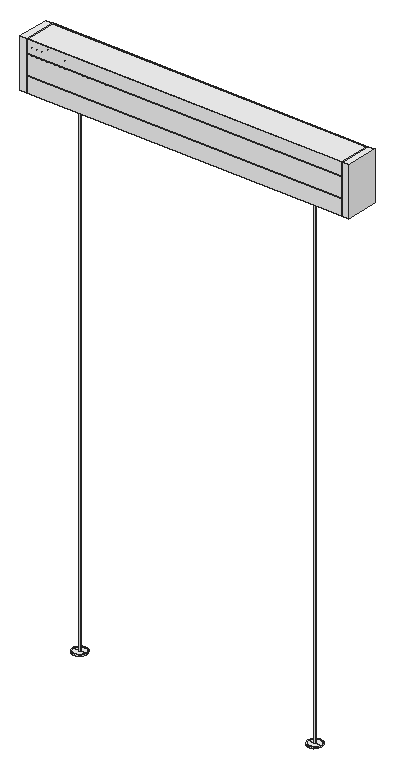
Revit family "2.3 inch  MAGIC WALL WASH LINEAR LIGHT", category Lighting Fixtures, host Face, Revit 2020 (continued)
Types (17): name | Wattage Comments | Wattage | Wall Mount | Suspenders Distance | Surface Mount | Recessed Mount | Photometric Web File | Pendent Mount | Order number | built-in parameter 1150142 | Model | built-in parameter 1150105 | Lumens | Light Source Height | Light Source Distance | built-in parameter 1150106 | Fixture Length
     227.68   219.08   210.51   201.97   193.45   184.96   \r\n 176.50   168.05   159.63   152.06   146.43   140.82   135.21   129.61   124.03   118.45   \r\n 112.88   107.32   101.77   96.22    90.68    85.15    79.62    74.10    68.58    63.07    \r\n 57.57    52.06    46.57    41.07    35.58    30.08    24.60    19.11    13.62    8.13     \r\n 2.65     2.59     2.53     2.47     2.41     2.35     2.29     2.22     2.16     2.10     \r\n 2.04     1.98     1.92     1.86     1.80     1.74     1.68     1.62     1.56     1.50     \r\n 1.45     1.39     1.33     1.28     1.22     1.17     1.11     1.06     1.07     1.11     \r\n 1.16     1.20     1.24     1.28     1.32     1.36     1.40     1.44     1.48     1.52     \r\n 1.56     1.60     1.64     1.68     1.72     1.76     1.80     1.84     1.88     1.92     \r\n 1.96     2.00     2.04     2.07     2.11     2.15     2.19     2.23     2.27     2.31     \r\n 2.35     2.39     2.43     2.47     2.51     2.55     2.59     2.63     2.66     2.70     \r\n 2.74     2.78     2.82     2.86     2.89     2.93     2.97     3.01     3.05     3.09     \r\n 3.12     3.16     3.20     3.24     3.28     3.31     3.34     3.37     3.40     3.43     \r\n 3.46     3.48     3.51     3.54     3.57     3.59     3.62     3.64     3.67     3.69     \r\n 3.72     3.74     3.77     3.79     3.82     3.84     3.87     3.89     3.92     3.94     \r\n 3.97     3.99     4.01     4.03     4.06     4.08     4.09     4.10     4.11     4.12     \r\n 4.13     4.14     4.15     4.16     4.17     4.18     4.20     4.21     4.21     4.22     \r\n 4.23     4.24     4.25     4.26     4.27     4.28     4.28     4.29     4.30     4.31     \r\n 4.32     4.33     4.33     4.34     4.35     4.35     4.36     4.36     4.36     4.35     \r\n 4.34     4.33     4.32     4.31     4.31     4.30     4.29     4.28     4.27     4.26     \r\n 4.25     4.24     4.23     4.22     4.21     4.20     4.20     4.19     4.18     4.17     \r\n 4.17     4.15     4.14     4.12     4.11     4.09     4.08     4.06     4.05     4.04     \r\n 4.26     \r\n1793.11  1784.72  1776.37  1768.05  1759.78  1750.91  1742.08  1733.27  1724.51  1715.70  \r\n 1706.89  1698.08  1689.26  1680.60  1671.98  1663.41  1654.88  1645.91  1636.92  1627.91  \r\n 1618.90  1609.84  1600.83  1591.87  1582.97  1573.86  1564.78  1555.76  1546.81  1537.48  \r\n 1528.07  1518.71  1509.41  1500.13  1490.90  1478.28  1463.57  1448.80  1433.96  1419.19  \r\n 1404.47  1389.66  1374.64  1359.71  1344.86  1330.12  1315.58  1301.13  1286.78  1272.52  \r\n 1257.90  1243.30  1228.78  1214.34  1200.11  1186.11  1172.23  1158.49  1144.88  1131.48  \r\n 1118.17  1104.97  1091.86  1078.88  1065.99  1053.21  1040.53  1028.06  1015.03  1001.07  \r\n 987.22   973.47   959.56   945.44   931.50   917.73   904.14   891.00   878.14   865.40   \r\n 852.77   840.27   828.03   815.95   804.01   792.19   780.49   768.99   757.64   746.43   \r\n 735.34   724.39   713.62   703.04   692.55   682.16   671.85   661.65   651.59   640.50   \r\n 629.22   618.03   606.93   595.97   585.22   574.56   563.99   553.51   543.11   532.81   \r\n 522.67   512.60   502.60   492.67   482.81   473.02   463.31   453.67   444.09   434.57   \r\n 425.11   415.71   406.37   397.10   387.91   378.79   369.74   360.78   352.09   343.44   \r\n 334.85   326.32   317.85   309.43   301.05   292.71   284.40   276.14   267.91   259.72   \r\n 251.56   243.43   235.33   227.27   219.24   211.24   203.28   195.35   187.45   179.57   \r\n 171.73   163.91   156.12   148.35   140.91   135.55   130.20   124.86   119.53   114.20   \r\n 108.89   103.59   98.30    93.01    87.74    82.47    77.20    71.95    66.69    61.45    \r\n 56.21    50.97    45.74    40.51    35.28    30.06    24.83    19.61    14.39    9.17     \r\n 3.95     3.84     3.72     3.61     3.49     3.38     3.26     3.14     3.03     2.91     \r\n 2.79     2.68     2.56     2.44     2.33     2.22     2.10     1.99     1.88     1.77     \r\n 1.66     1.55     1.44     1.33     1.23     1.12     1.02     1.05     1.09     1.13     \r\n 1.18     1.22     1.26     1.30     1.35     1.39     1.43     1.47     1.52     1.56     \r\n 1.60     1.64     1.68     1.72     1.77     1.81     1.85     1.89     1.93     1.98     \r\n 2.02     2.06     2.10     2.14     2.18     2.22     2.26     2.30     2.35     2.39     \r\n 2.43     2.47     2.51     2.55     2.60     2.64     2.68     2.71     2.75     2.79     \r\n 2.83     2.87     2.91     2.95     2.99     3.03     3.07     3.10     3.14     3.18     \r\n 3.22     3.26     3.29     3.32     3.35     3.39     3.42     3.45     3.48     3.51     \r\n 3.54     3.57     3.59     3.62     3.65     3.68     3.71     3.74     3.77     3.80     \r\n 3.83     3.86     3.89     3.91     3.94     3.97     3.99     4.02     4.04     4.06     \r\n 4.08     4.10     4.12     4.13     4.14     4.15     4.17     4.18     4.19     4.21     \r\n 4.22     4.23     4.25     4.26     4.27     4.28     4.29     4.30     4.30     4.31     \r\n 4.32     4.33     4.34     4.34     4.35     4.36     4.37     4.38     4.39     4.39     \r\n 4.40     4.41     4.41     4.42     4.42     4.43     4.43     4.42     4.41     4.40     \r\n 4.39     4.38     4.38     4.36     4.35     4.34     4.33     4.32     4.31     4.30     \r\n 4.29     4.28     4.27     4.26     4.24     4.23     4.22     4.21     4.20     4.19     \r\n 4.18     4.17     4.16     4.15     4.13     4.11     4.09     4.07     4.06     4.04     \r\n 4.26     \r\n1793.11  1783.74  1774.41  1765.12  1755.50  1745.57  1735.67  1725.81  1715.93  1706.05  \r\n 1696.16  1686.33  1676.58  1666.89  1657.23  1647.13  1637.03  1626.91  1616.68  1606.40  \r\n 1596.18  1586.02  1575.54  1565.13  1554.80  1544.24  1533.42  1522.64  1511.92  1501.19  \r\n 1490.52  1479.91  1469.27  1458.50  1447.82  1437.23  1426.28  1411.10  1394.80  1378.60  \r\n 1362.60  1346.69  1330.89  1314.90  1298.71  1282.61  1266.61  1250.71  1234.96  1219.36  \r\n 1203.92  1188.87  1173.93  1159.09  1144.38  1129.80  1115.33  1100.97  1087.29  1074.24  \r\n 1061.34  1048.61  1035.56  1022.43  1009.39  996.45   984.25   972.32   960.49   948.78   \r\n 937.30   924.37   910.70   897.17   883.83   870.65   857.62   844.74   832.37   820.30   \r\n 808.33   796.48   784.87   773.51   762.24   751.06   739.97   729.02   718.18   707.44   \r\n 696.82   686.42   676.18   666.06   656.06   646.18   636.53   626.98   617.52   608.16   \r\n 598.85   589.53   579.41   568.90   558.49   548.26   538.30   528.41   518.60   508.86   \r\n 499.20   489.56   480.01   470.52   461.12   451.79   442.63   433.61   424.65   415.75   \r\n 406.92   398.15   389.38   380.63   371.94   363.30   354.72   346.19   337.74   329.49   \r\n 321.40   313.39   305.43   297.50   289.62   281.77   273.90   266.07   258.29   250.54   \r\n 242.84   235.18   227.56   219.98   212.44   204.96   197.50   190.08   182.69   175.33   \r\n 168.00   160.69   153.42   146.17   138.95   131.74   126.11   120.97   115.86   110.75   \r\n 105.66   100.57   95.50    90.43    85.38    80.33    75.30    70.26    65.24    60.22    \r\n 55.21    50.20    45.20    40.20    35.21    30.22    25.23    20.24    15.25    10.26    \r\n 5.28     5.10     4.93     4.75     4.57     4.39     4.22     4.04     3.86     3.68     \r\n 3.50     3.33     3.15     2.97     2.80     2.62     2.45     2.27     2.10     1.93     \r\n 1.76     1.59     1.43     1.26     1.10     0.99     1.03     1.07     1.11     1.15     \r\n 1.20     1.24     1.28     1.32     1.37     1.41     1.45     1.49     1.54     1.58     \r\n 1.62     1.66     1.70     1.75     1.79     1.83     1.87     1.92     1.96     2.00     \r\n 2.05     2.09     2.13     2.18     2.22     2.26     2.31     2.35     2.39     2.44     \r\n 2.48     2.52     2.56     2.61     2.65     2.69     2.73     2.77     2.81     2.86     \r\n 2.90     2.94     2.98     3.03     3.07     3.12     3.16     3.20     3.24     3.28     \r\n 3.31     3.35     3.38     3.41     3.44     3.47     3.50     3.53     3.56     3.59     \r\n 3.62     3.65     3.68     3.71     3.74     3.77     3.80     3.83     3.86     3.89     \r\n 3.91     3.94     3.97     4.00     4.03     4.06     4.08     4.11     4.14     4.17     \r\n 4.19     4.20     4.22     4.24     4.25     4.27     4.28     4.29     4.30     4.31     \r\n 4.31     4.32     4.32     4.33     4.34     4.35     4.36     4.38     4.39     4.40     \r\n 4.41     4.42     4.43     4.43     4.44     4.45     4.45     4.46     4.46     4.47     \r\n 4.47     4.48     4.48     4.49     4.50     4.49     4.48     4.47     4.46     4.45     \r\n 4.44     4.43     4.42     4.41     4.40     4.39     4.38     4.36     4.35     4.34     \r\n 4.33     4.32     4.31     4.29     4.28     4.26     4.25     4.23     4.22     4.21     \r\n 4.20     4.19     4.18     4.17     4.14     4.12     4.10     4.08     4.06     4.04     \r\n 4.26     \r\n1793.11  1782.82  1772.59  1762.39  1751.52  1740.59  1729.71  1718.84  1707.96  1697.08  \r\n 1686.24  1675.47  1664.74  1653.83  1642.70  1631.56  1620.27  1608.82  1597.43  1585.98  \r\n 1574.27  1562.63  1550.98  1538.82  1526.72  1514.68  1502.57  1490.54  1478.57  1466.35  \r\n 1454.14  1442.03  1429.72  1417.28  1404.87  1392.49  1380.18  1367.96  1355.66  1340.80  \r\n 1323.29  1305.86  1288.37  1271.02  1253.82  1237.14  1220.67  1204.33  1188.12  1172.05  \r\n 1156.09  1140.43  1125.63  1111.00  1096.54  1081.88  1067.28  1052.79  1038.84  1025.40  \r\n 1012.07  998.87   985.89   973.03   960.30   947.94   935.75   923.62   911.70   900.32   \r\n 889.08   877.98   867.37   857.02   846.78   834.44   822.07   809.81   797.68   785.73   \r\n 773.98   762.37   750.88   739.78   728.88   718.07   707.38   696.83   686.36   675.97   \r\n 665.71   655.76   645.91   636.15   626.50   616.93   607.45   598.06   588.79   579.87   \r\n 571.04   562.29   553.63   544.99   536.45   527.99   518.41   508.73   499.09   489.55   \r\n 480.11   470.77   461.71   452.73   443.81   434.96   426.17   417.45   408.80   400.23   \r\n 391.72   383.28   374.95   366.68   358.46   350.30   342.19   334.15   326.18   318.25   \r\n 310.39   302.58   294.82   287.24   279.76   272.32   264.91   257.55   250.22   242.93   \r\n 235.64   228.39   221.18   214.00   206.87   199.77   192.71   185.69   178.71   171.77   \r\n 164.85   157.97   151.12   144.30   137.50   130.73   123.98   117.61   112.68   107.76   \r\n 102.86   97.97    93.10    88.23    83.37    78.53    73.69    68.87    64.05    59.24    \r\n 54.43    49.63    44.84    40.05    35.27    30.49    25.71    20.93    16.16    11.38    \r\n 6.61     6.36     6.11     5.86     5.61     5.36     5.11     4.86     4.60     4.35     \r\n 4.10     3.85     3.61     3.36     3.11     2.87     2.62     2.38     2.14     1.90     \r\n 1.67     1.43     1.20     0.97     0.96     1.00     1.04     1.08     1.12     1.17     \r\n 1.21     1.25     1.29     1.33     1.38     1.42     1.46     1.50     1.54     1.59     \r\n 1.63     1.67     1.72     1.76     1.80     1.85     1.89     1.93     1.98     2.02     \r\n 2.07     2.11     2.16     2.20     2.25     2.29     2.34     2.38     2.42     2.47     \r\n 2.51     2.56     2.61     2.65     2.70     2.75     2.79     2.83     2.87     2.91     \r\n 2.95     3.00     3.04     3.08     3.13     3.17     3.21     3.25     3.29     3.33     \r\n 3.36     3.40     3.43     3.47     3.50     3.54     3.57     3.61     3.65     3.68     \r\n 3.72     3.76     3.79     3.82     3.85     3.88     3.91     3.93     3.96     3.99     \r\n 4.02     4.05     4.07     4.10     4.13     4.16     4.18     4.20     4.21     4.23     \r\n 4.24     4.26     4.27     4.29     4.30     4.32     4.33     4.35     4.36     4.37     \r\n 4.39     4.40     4.42     4.43     4.44     4.45     4.46     4.46     4.47     4.48     \r\n 4.48     4.49     4.50     4.51     4.52     4.53     4.54     4.54     4.55     4.55     \r\n 4.56     4.56     4.56     4.55     4.54     4.53     4.52     4.51     4.50     4.49     \r\n 4.48     4.47     4.46     4.45     4.44     4.43     4.42     4.40     4.39     4.38     \r\n 4.36     4.34     4.33     4.32     4.31     4.29     4.28     4.26     4.24     4.23     \r\n 4.21     4.20     4.19     4.18     4.16     4.14     4.11     4.08     4.06     4.04     \r\n 4.26     \r\n1793.11  1781.99  1770.92  1759.74  1747.87  1736.03  1724.23  1712.44  1700.65  1688.87  \r\n 1677.14  1665.46  1653.53  1641.47  1629.39  1616.91  1604.41  1591.97  1579.09  1566.27  \r\n 1553.43  1540.06  1526.75  1513.45  1500.10  1486.81  1473.39  1459.78  1446.25  1432.65  \r\n 1418.96  1405.29  1391.53  1377.79  1364.13  1350.10  1336.00  1321.95  1307.72  1293.50  \r\n 1279.31  1265.79  1250.21  1232.56  1215.09  1197.73  1180.56  1164.19  1148.00  1131.96  \r\n 1115.96  1100.06  1084.41  1069.58  1054.87  1040.29  1025.88  1011.61  997.58   984.31   \r\n 971.10   957.97   945.16   932.49   919.97   908.33   896.80   885.38   873.89   862.48   \r\n 851.19   840.20   829.34   818.56   808.12   797.95   787.89   778.02   768.36   757.75   \r\n 746.35   735.18   724.13   713.18   702.41   691.76   681.20   670.91   660.95   651.08   \r\n 641.29   631.44   621.70   612.05   602.58   593.25   583.98   574.78   565.85   557.03   \r\n 548.29   539.63   531.01   522.48   514.04   505.79   497.73   489.74   481.81   473.95   \r\n 465.50   456.54   447.66   438.89   430.23   421.65   413.15   404.68   396.20   387.81   \r\n 379.50   371.27   363.35   355.50   347.70   339.94   332.20   324.38   316.62   308.94   \r\n 301.32   293.81   286.51   279.26   272.07   264.93   257.82   250.73   243.67   236.66   \r\n 229.69   222.76   215.88   209.03   202.22   195.45   188.72   182.03   175.37   168.76   \r\n 162.17   155.63   149.12   142.64   136.19   129.78   123.40   117.05   110.73   105.14   \r\n 100.41   95.70    91.00    86.31    81.64    76.97    72.32    67.68    63.04    58.41    \r\n 53.79    49.18    44.57    39.97    35.38    30.78    26.19    21.60    17.01    12.43    \r\n 7.84     7.51     7.18     6.85     6.51     6.18     5.85     5.52     5.19     4.85     \r\n 4.52     4.19     3.87     3.54     3.21     2.89     2.57     2.25     1.93     1.62     \r\n 1.31     1.00     0.88     0.92     0.96     1.01     1.05     1.09     1.13     1.18     \r\n 1.22     1.26     1.30     1.34     1.38     1.42     1.46     1.51     1.55     1.59     \r\n 1.63     1.68     1.72     1.76     1.81     1.85     1.89     1.94     1.98     2.03     \r\n 2.08     2.12     2.17     2.22     2.26     2.31     2.35     2.40     2.44     2.49     \r\n 2.54     2.59     2.64     2.69     2.73     2.78     2.82     2.86     2.91     2.96     \r\n 3.01     3.05     3.09     3.13     3.17     3.21     3.25     3.30     3.34     3.38     \r\n 3.42     3.45     3.49     3.52     3.56     3.60     3.64     3.68     3.72     3.76     \r\n 3.79     3.83     3.86     3.89     3.93     3.96     4.00     4.03     4.07     4.10     \r\n 4.14     4.17     4.19     4.21     4.22     4.23     4.25     4.26     4.27     4.29     \r\n 4.30     4.32     4.33     4.34     4.36     4.37     4.39     4.40     4.42     4.43     \r\n 4.45     4.46     4.47     4.49     4.50     4.51     4.53     4.54     4.55     4.56     \r\n 4.57     4.58     4.58     4.59     4.59     4.60     4.61     4.61     4.62     4.62     \r\n 4.61     4.61     4.60     4.59     4.58     4.57     4.56     4.55     4.54     4.53     \r\n 4.52     4.51     4.50     4.48     4.47     4.46     4.45     4.44     4.42     4.41     \r\n 4.39     4.38     4.36     4.34     4.33     4.32     4.30     4.28     4.26     4.24     \r\n 4.23     4.21     4.20     4.19     4.17     4.15     4.12     4.09     4.07     4.05     \r\n 4.26     \r\n1793.11  1781.24  1769.42  1757.27  1744.57  1731.90  1719.29  1706.68  1694.06  1681.45  \r\n 1668.89  1656.16  1643.25  1630.32  1616.84  1603.37  1589.78  1575.85  1562.00  1547.73  \r\n 1533.29  1518.89  1504.36  1489.90  1475.26  1460.39  1445.60  1430.78  1415.95  1401.09  \r\n 1385.98  1370.94  1355.73  1340.31  1324.94  1309.45  1293.95  1278.60  1263.84  1249.11  \r\n 1234.44  1219.84  1205.28  1191.38  1177.60  1163.83  1147.57  1130.49  1113.88  1097.88  \r\n 1082.01  1066.25  1050.63  1035.14  1020.91  1006.78  992.68   978.60   964.6
